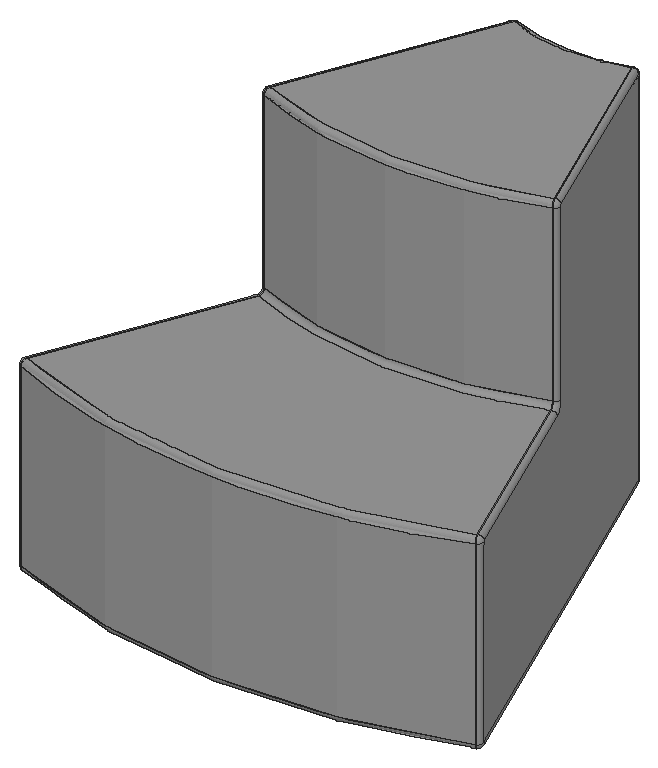
Revit family "TS1011 Elevate Tier Two Step Outside Curved Wedge", category Generic Models, Revit 2018
Family settings
  Can host rebar = No
  Round Connector Dimension = Use Diameter
  Part Type = Normal
  Work Plane-Based = No
  Always vertical = Yes
  Cut with Voids When Loaded = No
  Shared = No
  Room Calculation Point = No
Parameters
  Fabric = TS1011 Elevate Two Tier Outside Curved Wedge Fabric
Reference planes
  plane 1 "Center (Front/Back)": y = 0
  plane 2: z = 0
  plane 3 "Center (Left/Right)": x = 0
Forms (mm)
  Sweep 1, solid, material "TS1011 Elevate Two Tier Outside Curved Wedge Fabric" <- "Fabric"
    path origin (89.065, -140.153, 0) x (-0.382683, -0.92388, 0) y (0, 0, -1)
      loop
        arc (-508, -865.343) -> (-507.841, -865.727) -> (-507.457, -865.886) r 0.543
        line (-507.457, -865.886) -> (-0.498, -865.886)
        arc (-0.498, -865.886) -> (-0.146, -865.74) -> (0, -865.388) r 0.498
        line (0, -865.388) -> (0, -459.486)
        arc (0, -459.486) -> (7.439, -441.525) -> (25.4, -434.086) r 25.4
        line (25.4, -434.086) -> (507.503, -434.086)
        arc (507.503, -434.086) -> (507.854, -433.94) -> (508, -433.589) r 0.497
        line (508, -433.589) -> (508, -13.206)
        arc (508, -13.206) -> (507.852, -12.848) -> (507.494, -12.7) r 0.506
        line (507.494, -12.7) -> (-507.481, -12.7)
        arc (-507.481, -12.7) -> (-507.848, -12.852) -> (-508, -13.219) r 0.519
        line (-508, -13.219) -> (-508, -865.343)
    profile origin (283.469, 329.178, 439.281) x (0.92388, -0.382683, 0) y (0.382683, 0.92388, 0)
      loop
        line (-457.2, 0) -> (-457.2, 12.7)
        arc (-457.2, 12.7) -> (-466.18, 8.98) -> (-469.9, 0) r 12.7
        line (-469.9, 0) -> (-457.2, 0)
  Extrusion 2, solid, material "TS1011 Elevate Two Tier Outside Curved Wedge Fabric" <- "Fabric"
    sketch origin (88.874, -140.615, 0) x (-0.382683, -0.92388, 0) y (0, 0, 1)
      loop
        arc (-507.948, 865.886) -> (-508.332, 865.727) -> (-508.491, 865.343) r 0.543
        line (-508.491, 865.343) -> (-508.491, 13.219)
        arc (-508.491, 13.219) -> (-508.339, 12.852) -> (-507.971, 12.7) r 0.519
        line (-507.971, 12.7) -> (506.994, 12.7)
        arc (506.994, 12.7) -> (507.352, 12.848) -> (507.5, 13.206) r 0.506
        line (507.5, 13.206) -> (507.5, 433.589)
        arc (507.5, 433.589) -> (507.354, 433.94) -> (507.003, 434.086) r 0.497
        line (507.003, 434.086) -> (24.909, 434.086)
        arc (24.909, 434.086) -> (6.949, 441.525) -> (-0.491, 459.486) r 25.4
        line (-0.491, 459.486) -> (-0.491, 865.388)
        arc (-0.491, 865.388) -> (-0.636, 865.74) -> (-0.988, 865.886) r 0.498
        line (-0.988, 865.886) -> (-507.948, 865.886)
    from 457.2 to 469.9
  Sweep 3, solid, material "TS1011 Elevate Two Tier Outside Curved Wedge Fabric" <- "Fabric"
    path origin (0, -28.935, 0) x (1, 0, 0) y (0, 1, 0)
      loop
        arc (544.329, -412.459) -> (0, -520.732) -> (-544.329, -412.459) r 1422.4
    profile origin (0, -549.668, 0) x (0, -1, 0) y (0, 0, 1)
      loop
        spline (-1041.374, 13.219) -> (-1041.269, 11.494) -> (-1040.958, 9.798) -> (-1040.444, 8.16) -> (-1039.738, 6.61) -> (-1038.85, 5.172) -> (-1037.797, 3.872) -> (-1036.596, 2.732) -> (-1035.267, 1.771) -> (-1033.835, 1.006) -> (-1032.322, 0.45) -> (-1030.755, 0.113) -> (-1029.161, 0)
        line (-1029.161, 0) -> (-12.201, 0)
        spline (-12.201, 0) -> (-10.609, 0.113) -> (-9.043, 0.45) -> (-7.532, 1.005) -> (-6.101, 1.769) -> (-4.774, 2.729) -> (-3.574, 3.868) -> (-2.521, 5.167) -> (-1.635, 6.603) -> (-0.929, 8.153) -> (-0.416, 9.788) -> (-0.104, 11.483) -> (0, 13.206)
        line (0, 13.206) -> (0, 433.589)
        spline (0, 433.589) -> (-0.104, 435.312) -> (-0.415, 437.005) -> (-0.928, 438.639) -> (-1.633, 440.188) -> (-2.52, 441.623) -> (-3.571, 442.921) -> (-4.77, 444.059) -> (-6.096, 445.018) -> (-7.527, 445.781) -> (-9.037, 446.336) -> (-10.601, 446.673) -> (-12.192, 446.786)
        line (-12.192, 446.786) -> (-496.267, 446.786)
        spline (-496.267, 446.786) -> (-497.798, 446.895) -> (-499.304, 447.219) -> (-500.757, 447.753) -> (-502.133, 448.487) -> (-503.409, 449.41) -> (-504.563, 450.506) -> (-505.575, 451.755) -> (-506.428, 453.136) -> (-507.107, 454.626) -> (-507.6, 456.199) -> (-507.9, 457.828) -> (-508, 459.486)
        line (-508, 459.486) -> (-508, 865.388)
        spline (-508, 865.388) -> (-508.104, 867.111) -> (-508.415, 868.804) -> (-508.928, 870.439) -> (-509.634, 871.987) -> (-510.52, 873.423) -> (-511.571, 874.72) -> (-512.77, 875.859) -> (-514.097, 876.818) -> (-515.527, 877.581) -> (-517.037, 878.136) -> (-518.602, 878.473) -> (-520.193, 878.586)
        line (-520.193, 878.586) -> (-1029.139, 878.586)
        spline (-1029.139, 878.586) -> (-1030.736, 878.473) -> (-1032.306, 878.135) -> (-1033.821, 877.578) -> (-1035.257, 876.812) -> (-1036.587, 875.849) -> (-1037.79, 874.707) -> (-1038.846, 873.405) -> (-1039.735, 871.965) -> (-1040.443, 870.411) -> (-1040.957, 868.771) -> (-1041.269, 867.072) -> (-1041.374, 865.343)
        line (-1041.374, 865.343) -> (-1041.374, 13.219)
  Sweep 4, solid, material "TS1011 Elevate Two Tier Outside Curved Wedge Fabric" <- "Fabric"
    path origin (-89.065, -140.153, 0) x (0.382683, -0.92388, 0) y (0, 0, 1)
      loop
        line (-508, 865.343) -> (-508, 13.219)
        arc (-508, 13.219) -> (-507.848, 12.852) -> (-507.481, 12.7) r 0.519
        line (-507.481, 12.7) -> (507.494, 12.7)
        arc (507.494, 12.7) -> (507.852, 12.848) -> (508, 13.206) r 0.506
        line (508, 13.206) -> (508, 433.589)
        arc (508, 433.589) -> (507.854, 433.94) -> (507.503, 434.086) r 0.497
        line (507.503, 434.086) -> (25.4, 434.086)
        arc (25.4, 434.086) -> (7.439, 441.525) -> (0, 459.486) r 25.4
        line (0, 459.486) -> (0, 865.388)
        arc (0, 865.388) -> (-0.146, 865.74) -> (-0.498, 865.886) r 0.498
        line (-0.498, 865.886) -> (-507.457, 865.886)
        arc (-507.457, 865.886) -> (-507.841, 865.727) -> (-508, 865.343) r 0.543
    profile origin (-283.469, 329.178, 439.281) x (-0.92388, -0.382683, 0) y (0.382683, -0.92388, 0)
      loop
        line (-457.2, 0) -> (-469.9, 0)
        arc (-469.9, 0) -> (-466.18, -8.98) -> (-457.2, -12.7) r 12.7
        line (-457.2, -12.7) -> (-457.2, 0)
  Extrusion 5, solid, material "TS1011 Elevate Two Tier Outside Curved Wedge Fabric" <- "Fabric"
    sketch origin (-88.874, -140.615, 0) x (0.382683, -0.92388, 0) y (0, 0, -1)
      loop
        line (-507.948, -865.886) -> (-0.988, -865.886)
        arc (-0.988, -865.886) -> (-0.636, -865.74) -> (-0.491, -865.388) r 0.498
        line (-0.491, -865.388) -> (-0.491, -459.486)
        arc (-0.491, -459.486) -> (6.949, -441.525) -> (24.909, -434.086) r 25.4
        line (24.909, -434.086) -> (507.003, -434.086)
        arc (507.003, -434.086) -> (507.354, -433.94) -> (507.5, -433.589) r 0.497
        line (507.5, -433.589) -> (507.5, -13.206)
        arc (507.5, -13.206) -> (507.352, -12.848) -> (506.994, -12.7) r 0.506
        line (506.994, -12.7) -> (-507.971, -12.7)
        arc (-507.971, -12.7) -> (-508.339, -12.852) -> (-508.491, -13.219) r 0.519
        line (-508.491, -13.219) -> (-508.491, -865.343)
        arc (-508.491, -865.343) -> (-508.332, -865.727) -> (-507.948, -865.886) r 0.543
    from 457.2 to 469.9
  Extrusion 6, void
    sketch origin (0, 0, 0) x (1, 0, 0) y (0, 1, 0)
      loop
        line (-561.756, -516.654) -> (-85.468, 633.207) -> (-771.268, 633.207) -> (-771.268, -516.654) -> (-561.756, -516.654)
      loop
        line (561.756, -516.654) -> (771.268, -516.654) -> (771.268, 633.207) -> (85.468, 633.207) -> (561.756, -516.654)
    from 0 to 1089.845
Cuts and joins
  Extrusion 6 cuts Sweep 3
Dimensions and locks
  aligned and locked: plane 2 to level
